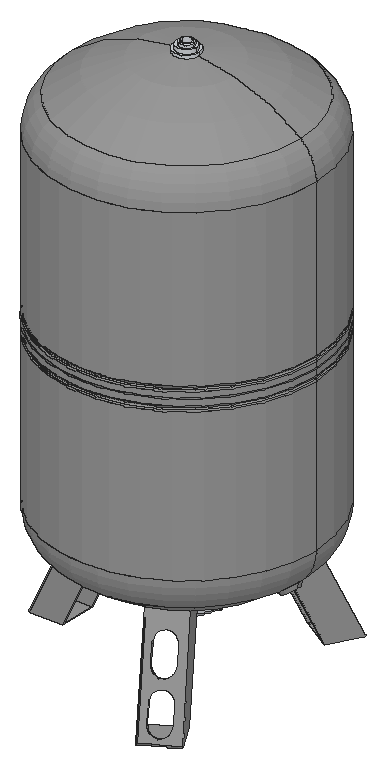
Revit family "WAV 150", category Оборудование, Revit 2014
Parameters
  Описание = "Мембранный бак для водоснабжения V=150л, Py=10бар, 1\""
  Материал крышки = Черная резина
  Материал = Синяя краска
  Масса кг = "18.4"
  Крышка [instance] = yes
  Комментарии к типоразмеру = "WAV 150"
  Изготовитель = "WESTER"  # constant formula
  URL = "http://www.wester.su/"
Reference planes
  plane 1 "По центру (Вперед/Назад)": y = 0
  plane 2: z = 0
  plane 3 "По центру (Влево/Вправо)": x = 0
Forms (mm)
  Revolve 1, solid, material "Синяя краска" <- "Материал"
    sketch origin (161.5, 0, 447.455) x (0, 0, 1) y (-1, 0, 0)
      loop
        line (453.173, 408.998) -> (156.421, 408.998)
        arc (156.421, 408.998) -> (154.939, 408.601) -> (153.853, 407.515) r 2.965
        arc (153.853, 407.515) -> (151.692, 406.268) -> (149.531, 407.515) r 2.495
        arc (149.531, 407.515) -> (148.432, 408.601) -> (146.939, 408.998) r 3.007
        line (146.939, 408.998) -> (136.818, 408.998)
        arc (136.818, 408.998) -> (135.752, 409.332) -> (134.685, 408.998) r 1.869
        line (134.685, 408.998) -> (122.431, 408.998)
        arc (122.431, 408.998) -> (120.938, 408.601) -> (119.839, 407.515) r 3.007
        arc (119.839, 407.515) -> (117.678, 406.268) -> (115.517, 407.515) r 2.495
        arc (115.517, 407.515) -> (114.432, 408.601) -> (112.949, 408.998) r 2.965
        line (112.949, 408.998) -> (-175.723, 408.998)
        arc (-175.723, 408.998) -> (-210.578, 401.001) -> (-238.462, 378.61) r 79.961
        arc (-238.462, 378.61) -> (-283.327, 304.717) -> (-308.842, 222.123) r 352.221
        line (-308.842, 222.123) -> (-321.955, 209.009) -> (-321.955, 161.5) -> (590.528, 161.5) -> (590.528, 184.997)
        arc (590.528, 184.997) -> (567.887, 287.482) -> (515.872, 378.644) r 349.909
        arc (515.872, 378.644) -> (488.003, 401.01) -> (453.173, 408.998) r 79.932
      axis (-321.955, 161.5) -> (590.528, 161.5)
    angle from 0 to 360
  Revolve 2, solid
    sketch origin (0, 0, 392.559) x (-1, 0, 0) y (0, 0, -1)
      loop
        line (0, 267.059) -> (69.996, 267.059) -> (69.996, 268.559) -> (73.753, 268.559) -> (73.151, 275.443)
        arc (73.151, 275.443) -> (71.956, 278.131) -> (69.36, 279.516) r 4.524
        line (69.36, 279.516) -> (48.486, 279.516)
        arc (48.486, 279.516) -> (47.948, 279.469) -> (47.425, 279.329) r 3.112
        line (47.425, 279.329) -> (35.297, 275.272)
        arc (35.297, 275.272) -> (34.006, 275.061) -> (32.715, 275.272) r 4.069
        line (32.715, 275.272) -> (19.199, 279.345)
        arc (19.199, 279.345) -> (18.587, 279.478) -> (17.962, 279.515) r 4.016
        arc (17.962, 279.515) -> (17.646, 280.767) -> (16.627, 281.561) r 1.989
        line (16.627, 281.561) -> (16.627, 305.062) -> (14.134, 307.555) -> (13.354, 307.555) -> (13.354, 279.516) -> (0, 279.516) -> (0, 267.059)
      axis (0, 307.555) -> (0, 267.059)
    angle from 0 to 360
  Revolve 3, solid
    sketch origin (-170.717, 0, 745.664) x (-0.833886, 0, -0.551937) y (0.551937, 0, -0.833886)
      loop
        line (-3.985, 668.015) -> (-3.985, 656.503) -> (-5.516, 656.503) -> (-5.516, 652.003) -> (0, 652.003) -> (0, 665.157) -> (-1.586, 665.157) -> (-2.15, 665.72) -> (-2.15, 669.003) -> (-2.997, 669.003) -> (-3.985, 668.015)
      axis (0, 669.003) -> (0, 652.003)
    angle from 0 to 360
  Revolve 4, solid, material "Черная резина" <- "Материал крышки", visible <- "Крышка"
    sketch origin (-170.717, 0, 745.664) x (-0.833886, 0, -0.551937) y (0.551937, 0, -0.833886)
      loop
        line (0, 652.003) -> (0, 670.119) -> (-16.18, 670.119) -> (-21.758, 662.442) -> (-7.391, 652.003) -> (0, 652.003)
      axis (0, 670.119) -> (0, 652.003)
    angle from 0 to 360
  Revolve 5, void
    sketch origin (42.309, 0, -18.173) x (0.998135, 0, 0.061049) y (-0.061049, 0, 0.998135)
      loop
        line (153.8, 207.184) -> (147.466, 193.322)
        arc (147.466, 193.322) -> (145.41, 190.073) -> (142.56, 187.491) r 14.244
        line (142.56, 187.491) -> (143.693, 184.471) -> (167.312, 198.108) -> (160.004, 210.765) -> (153.8, 207.184)
      axis (167.312, 198.108) -> (160.004, 210.765)
    angle from 0 to 360
  Revolve 6, solid
    sketch origin (0, 0, 270) x (1, 0, 0) y (0, 0, 1)
      loop
        line (-11.2, 786.045) -> (-13.197, 784.047) -> (-13.197, 779.546) -> (-18.51, 779.546) -> (-18.51, 773.046) -> (-24.043, 773.046) -> (-24.043, 767.983) -> (0, 767.983) -> (0, 773.046) -> (-9.238, 773.046) -> (-9.238, 786.045) -> (-11.2, 786.045)
      axis (0, 786.045) -> (0, 767.983)
    angle from 0 to 360
  Extrusion 7, solid, material "Синяя краска" <- "Материал"
    sketch origin (0, 0, 0) x (1, 0, 0) y (0, 0, 1)
      loop
        arc (-271.702, 4.272) -> (-271.516, 1.39) -> (-268.985, 0) r 3
        line (-268.985, 0) -> (-207.452, 0) -> (-129.959, 165.522) -> (-184.299, 190.962) -> (-271.702, 4.272)
    from -34.996 to 35.004
  Extrusion 8, void
    sketch origin (0, 0, 0) x (1, 0, 0) y (0, 0, 1)
      loop
        line (-182.94, 190.326) -> (-270.343, 3.636)
        arc (-270.343, 3.636) -> (-270.284, 2.246) -> (-269.11, 1.5) r 1.504
        line (-269.11, 1.5) -> (-202.677, 1.5) -> (-126.619, 163.958) -> (-182.94, 190.326)
    from -33.496 to 33.504
  Extrusion 9, void
    sketch origin (0, 0, 0) x (0, 1, 0) y (0, 0, 1)
      loop
        arc (-20.004, 31.262) -> (-0.004, 11.262) -> (19.996, 31.262) r 20
        line (19.996, 31.262) -> (19.996, 59.067)
        arc (19.996, 59.067) -> (-0.004, 79.067) -> (-20.004, 59.067) r 20
        line (-20.004, 59.067) -> (-20.004, 31.262)
      loop
        arc (-20.004, 112.771) -> (-0.004, 92.771) -> (19.996, 112.771) r 20
        line (19.996, 112.771) -> (19.996, 140.577)
        arc (19.996, 140.577) -> (-0.004, 160.577) -> (-20.004, 140.577) r 20
        line (-20.004, 140.577) -> (-20.004, 112.771)
    from -280.037 to -122.069
  Extrusion 10, solid, material "Синяя краска" <- "Материал"
    sketch origin (-0.074, 0.117, 0) x (-0.5, 0.866025, 0) y (0, 0, 1)
      loop
        arc (-271.702, 4.272) -> (-271.516, 1.39) -> (-268.985, 0) r 3
        line (-268.985, 0) -> (-207.452, 0) -> (-129.959, 165.522) -> (-184.299, 190.962) -> (-271.702, 4.272)
    from -34.996 to 35.004
  Extrusion 11, void
    sketch origin (-0.074, 0.117, 0) x (-0.5, 0.866025, 0) y (0, 0, 1)
      loop
        line (-182.94, 190.326) -> (-270.343, 3.636)
        arc (-270.343, 3.636) -> (-270.284, 2.246) -> (-269.11, 1.5) r 1.504
        line (-269.11, 1.5) -> (-202.677, 1.5) -> (-126.619, 163.958) -> (-182.94, 190.326)
    from -33.496 to 33.504
  Extrusion 12, solid, material "Синяя краска" <- "Материал"
    sketch origin (-0.068, -0.129, 0) x (-0.5, -0.866025, 0) y (0, 0, 1)
      loop
        arc (-271.702, 4.272) -> (-271.516, 1.39) -> (-268.985, 0) r 3
        line (-268.985, 0) -> (-207.452, 0) -> (-129.959, 165.522) -> (-184.299, 190.962) -> (-271.702, 4.272)
    from -34.996 to 35.004
  Extrusion 13, void
    sketch origin (-0.068, -0.129, 0) x (-0.5, -0.866025, 0) y (0, 0, 1)
      loop
        line (-182.94, 190.326) -> (-270.343, 3.636)
        arc (-270.343, 3.636) -> (-270.284, 2.246) -> (-269.11, 1.5) r 1.504
        line (-269.11, 1.5) -> (-202.677, 1.5) -> (-126.619, 163.958) -> (-182.94, 190.326)
    from -33.496 to 33.504
  Extrusion 14, void
    sketch origin (8.677, -15.126, 0) x (-0.866025, -0.5, 0) y (0, 0, 1)
      loop
        arc (-20.004, 31.262) -> (-0.004, 11.262) -> (19.996, 31.262) r 20
        line (19.996, 31.262) -> (19.996, 59.067)
        arc (19.996, 59.067) -> (-0.004, 79.067) -> (-20.004, 59.067) r 20
        line (-20.004, 59.067) -> (-20.004, 31.262)
      loop
        arc (-20.004, 112.771) -> (-0.004, 92.771) -> (19.996, 112.771) r 20
        line (19.996, 112.771) -> (19.996, 140.577)
        arc (19.996, 140.577) -> (-0.004, 160.577) -> (-20.004, 140.577) r 20
        line (-20.004, 140.577) -> (-20.004, 112.771)
    from -280.037 to -122.069
  Extrusion 15, void
    sketch origin (7.644, 13.105, 0) x (0.866025, -0.5, 0) y (0, 0, 1)
      loop
        arc (-20.004, 31.262) -> (-0.004, 11.262) -> (19.996, 31.262) r 20
        line (19.996, 31.262) -> (19.996, 59.067)
        arc (19.996, 59.067) -> (-0.004, 79.067) -> (-20.004, 59.067) r 20
        line (-20.004, 59.067) -> (-20.004, 31.262)
      loop
        arc (-20.004, 112.771) -> (-0.004, 92.771) -> (19.996, 112.771) r 20
        line (19.996, 112.771) -> (19.996, 140.577)
        arc (19.996, 140.577) -> (-0.004, 160.577) -> (-20.004, 140.577) r 20
        line (-20.004, 140.577) -> (-20.004, 112.771)
    from -280.037 to -122.069
Cuts and joins
  Revolve 5, Extrusion 11, Extrusion 13, Extrusion 14 cuts Revolve 1
  Extrusion 8, Extrusion 9, Extrusion 11, Extrusion 13 cuts Extrusion 7
  Extrusion 11, Extrusion 14, Extrusion 15 cuts Extrusion 10
  Extrusion 13, Extrusion 15 cuts Extrusion 12
Dimensions and locks
  aligned and locked: level to plane 2
Nested families
  nested 1: "Болт" at (-30, -51.954, 113.043) x (0, 1, 0) z (0, 0, -1), type "Болт"
  nested 2: "Болт" at (-59.993, 0, 113.043) x (0, 1, 0) z (0, 0, -1), type "Болт"
  nested 3: "Болт" at (-29.993, 51.958, 113.043) x (0, 1, 0) z (0, 0, -1), type "Болт"
  nested 4: "Болт" at (60, 0, 113.043) x (0, 1, 0) z (0, 0, -1), type "Болт"
  nested 5: "Болт" at (30, 51.958, 113.043) x (0, 1, 0) z (0, 0, -1), type "Болт"
  nested 6: "Болт" at (29.987, -51.954, 113.043) x (0, 1, 0) z (0, 0, -1), type "Болт"
Connectors
  piping at (0, 0, 85.004), diameter 25
    settings: on Revolve 2, index 1, connector inside diameter 609.6 mm, connector length 0 mm, flow factor 0, pipe flow 0.0 L/s, pressure drop 0.0 Pa, fitting loss kfactor 0, connector angle 0.00°, fixture units 0, engagement length 0 mm, angle of deflection 0.00°, flow configuration 1, flow direction 0, fitting loss method 0, system type 29, joint type 0, gender type 0, connector reference index -1, connector utility 0, adjustable connector no, is connector primary yes, connector description ""
Definition of nested family "Болт"
  Parameters (values of type "Болт")
    Default Elevation = 1219.2 mm
  Reference planes
    plane 1 "По центру (Вперед/Назад)": y = 0
    plane 2: z = 0
    plane 3 "По центру (Влево/Вправо)": x = 0
  Forms (mm)
    Extrusion 1, solid
      sketch origin (0, 0, 0) x (1, 0, 0) y (0, 1, 0)
        loop
          line (-1219.2, 1219.2) -> (-1219.2, -1219.2) -> (1219.2, -1219.2) -> (1219.2, 1219.2) -> (-1219.2, 1219.2)
      from 0 to -304.8
    Extrusion 2, solid, detail levels medium+fine
      sketch origin (0, 0, 0) x (0, 1, 0) y (-1, 0, 0)
        loop
          line (-6.5, -3.753) -> (0, -7.506) -> (6.5, -3.753) -> (6.5, 3.753) -> (0, 7.506) -> (-6.5, 3.753) -> (-6.5, -3.753)
      from 0 to 5.3
    Extrusion 3, solid, detail levels medium+fine
      sketch origin (0, 0, 0) x (1, 0, 0) y (0, 1, 0)
        loop
          circle (0, 0) r 4
      from -14 to 0
    Revolve 4, void
      sketch origin (0, 0, 0) x (1, 0, 0) y (0, 0, 1)
        loop
          line (-7.506, 4.447) -> (-6.413, 5.3) -> (-7.506, 5.3) -> (-7.506, 4.447)
        axis (0, 5.3) -> (0, 4.3)
      angle from 0 to 360
    Revolve 5, void
      sketch origin (0, 0, 0) x (1, 0, 0) y (0, 0, 1)
        loop
          line (-4, -14) -> (-2.365, -14) -> (-4, -12.365) -> (-4, -14)
        axis (0, -12.365) -> (0, -14)
      angle from 0 to 360
  Cuts and joins
    Revolve 4 cuts Extrusion 2
    Revolve 5 cuts Extrusion 3
    joined: Extrusion 2, Extrusion 3
  Dimensions and locks
    aligned and locked: plane 2 to Extrusion 1
    aligned and locked: level to Extrusion 1
    aligned and locked: Revolve 4 sketch curve to plane 3 "По центру (Влево/Вправо)"
    aligned and locked: cut or joined group of Extrusion 2, Extrusion 3, Revolve 4, Revolve 5 to Revolve 4 sketch curve
